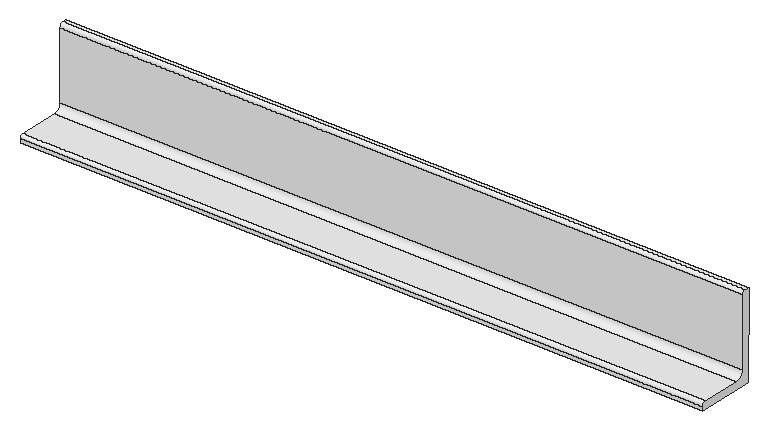
Revit family "M_L Ângulos desiguais", category Quadro estrutural, Revit 2019
Family settings
  Arredondamento do comprimento do framing estrutural = 0.10 mm
  Forma do corte = Ângulo L
  Material para o comportamento do modelo = Aço
  Exportar sempre como geometria = Não
  Family Name Key = M_L Unequal Angles
  Nome do código = AISC 14.1
  Número OmniClass = 23.25.30.11.14.14
  Título OmniClass = Beams
  ID de item do Seek = L-Equal Angle-0000-CAN-ENU
  Sempre na vertical = Sim
  Corte com vazios quando carregada = Não
  Representação simbólica = Das configurações de projeto
  Compartilhado = Não
  Exibir o pré-corte da família na vista da planta = Sim
Parameters (values of type "L152X102X12.7")
  Largura = 102.00 mm
  Espessura da teia = 12.70 mm
  Concordância da teia = 12.700 mm
  Constante da empena = 226000000.0 mm6
  Momento de inércia de torção = 169000.00 mm4
  Concordância da alma superior = 6.350 mm
  Structural Material [instance] = Aço, 45-345
  Section Name Key = ""
  Section Area = 3060.0 mm²
  Principal Axes Angle = 23.75°
  Plastic Modulus weak axis = 60500.0 mm³
  Plastic Modulus strong axis = 126000.0 mm³
  Nominal Weight = 235.36 N/m
  Moment of Inertia weak axis = 259 cm⁴
  Moment of Inertia strong axis = 720 cm⁴
  Length [instance] = 1524.00 mm
  Height = 152.00 mm
  Flange Thickness = 12.7 mm
  Flange Fillet = 6.35 mm
  Elastic Modulus weak axis = 33800.0 mm³
  Elastic Modulus strong axis = 70600.0 mm³
  Centroid Vertical = 50.30 mm
  Centroid Horizontal = 24.90 mm
  Bolt Spacing Shorter Flange = 63.5 mm
  Bolt Spacing 2 Longer Flange = 120.65 mm
  Bolt Spacing 1 Longer Flange = 57.15 mm
Types (2, lengths in mm): name | Concordância da teia | Concordância da alma superior
  (no name) | 12.7 | 6.35
  L152X102X12.7 | 12.700 | 6.350
Values of the unnamed type that differ from the named types
  Constante da empena = 0.000000282 (stored number, unit not read)
  Momento de inércia de torção = 16.9 cm⁴
Reference planes
  plane 1 "Centro (Frente/Trás)": y = 0
  plane 2: z = 0
  plane 3 "Centro (Esquerda/Direita)": x = 4.61
  plane 4 "Membro esquerdo": x = -604.99
  plane 5 "Membro direito": x = 614.21
  plane 6: y = 24.9
  plane 7: y = -77.1
  plane 8: z = -50.3
  plane 9 "Esquerda": x = -757.39
  plane 10 "Direita": x = 766.61
  plane 11: z = 101.7
Forms (mm)
  Sweep 1, solid, material "Aço, 45-345" <- "Structural Material", detail levels fine
    path origin (0, 0, 0) x (1, 0, 0) y (0, 1, 0)
      loop
        line (-604.99, 0) -> (614.21, 0)
    profile "M_L-Ângulo-Perfil-Alto : M_L-Ângulo-Perfil-Alto" origin (4.61, 0, 0) x (0, 1, 0) y (0, 0, 1)
      loop
        line (24.9, 101.7) -> (18.55, 101.7)
        arc (18.55, 101.7) -> (14.06, 99.84) -> (12.2, 95.35) r 6.35
        line (12.2, 95.35) -> (12.2, -24.9)
        arc (12.2, -24.9) -> (8.48, -33.88) -> (-0.5, -37.6) r 12.7
        line (-0.5, -37.6) -> (-70.75, -37.6)
        arc (-70.75, -37.6) -> (-75.24, -39.46) -> (-77.1, -43.95) r 6.35
        line (-77.1, -43.95) -> (-77.1, -50.3) -> (24.9, -50.3) -> (24.9, 101.7)
  Sweep 2, solid, material "Aço, 45-345" <- "Structural Material", detail levels medium
    path origin (0, 0, 0) x (1, 0, 0) y (0, 1, 0)
      loop
        line (-604.99, 0) -> (614.21, 0)
    profile "M_L-Ângulo-Perfil-Médio : M_L-Ângulo-Perfil-Médio" origin (4.61, 0, 0) x (0, 1, 0) y (0, 0, 1)
      loop
        line (24.9, 101.7) -> (12.2, 101.7) -> (12.2, -37.6) -> (-77.1, -37.6) -> (-77.1, -50.3) -> (24.9, -50.3) -> (24.9, 101.7)
Lines and regions (mm)
  symbolic lines, style "Faces ocultas", detail levels medium+fine
    curve 1: line (-604.99, 0, -37.6) -> (614.21, 0, -37.6)
    curve 2: line (-604.99, 12.2, 0) -> (614.21, 12.2, 0)
  symbolic lines, style "Símbolos de vara", detail levels coarse
    curve 3: line (4.61, 24.9, -50.3) -> (4.61, -77.1, -50.3)
    curve 4: line (4.61, 24.9, 101.7) -> (4.61, 24.9, -50.3)
Dimensions and locks
  "Largura": plane 6 to plane 7
  "Centroid Horizontal": plane 6 to plane 1 "Centro (Frente/Trás)"
  "Length": plane 9 "Esquerda" to plane 10 "Direita"
  "Espessura da teia": plane 6 to curve 2
  "Centroid Vertical": plane 8 to level
  "Height": plane 8 to plane 11
  aligned and locked: plane 4 "Membro esquerdo" to curve 2
  aligned and locked: plane 5 "Membro direito" to curve 2
  aligned and locked: plane 4 "Membro esquerdo" to curve 1
  aligned and locked: plane 5 "Membro direito" to curve 1
  aligned and locked: plane 5 "Membro direito" to Sweep 1 sketch curve
  aligned and locked: plane 1 "Centro (Frente/Trás)" to Sweep 1 sketch curve
  aligned and locked: plane 4 "Membro esquerdo" to Sweep 1 sketch curve
  aligned and locked: plane 4 "Membro esquerdo" to Sweep 2 sketch curve
  aligned and locked: plane 1 "Centro (Frente/Trás)" to Sweep 2 sketch curve
  aligned and locked: plane 5 "Membro direito" to Sweep 2 sketch curve
  aligned and locked: plane 8 to curve 3
  aligned and locked: plane 7 to curve 3
  aligned and locked: plane 6 to curve 4
  aligned and locked: plane 11 to curve 4
  aligned and locked: curve 1 to Sweep 2
Types in the file's own list only (75): name | Largura | Espessura da teia | Concordância da teia | Constante da empena | Momento de inércia de torção | Concordância da alma superior | Chave do nome do corte | Área de corte | Ângulo dos eixos principais | Eixo fraco do módulo plástico | Eixo forte do módulo plástico | Peso nominal | Eixo fraco do momento de inércia | Eixo forte do momento de inércia | Altura | Espessura do flange | Concordância do flange | Eixo fraco do módulo de elasticidade | Eixo forte do módulo de elasticidade | Centróide vertical | Centróide horizontal | Flange mais curto do espaçamento do parafuso | Flange mais longo 2 do espaçamento do parafuso | Flange mais longo 1 do espaçamento do parafuso
  L203X152X25.4 | 152.000 mm | 25.400 mm | 25.400 mm | 4380000000.0 mm6 | 1810000.00 mm4 | 12.700 mm | L8X6X1 | 8450.0 mm² | 28.46° | 265000.0 mm³ | 447000.0 mm³ | 65.50 kgf/m | 16100000.00 mm4 | 33700000.00 mm4 | 203.000 mm | 25.400 mm | 12.700 mm | 146000.0 mm³ | 247000.0 mm³ | 67.300 mm | 41.900 mm | 88.90 mm | 152.40 mm | 76.20 mm
  L203X152X22.2 | 152.000 mm | 22.200 mm | 22.200 mm | 3030000000.0 mm6 | 1230000.00 mm4 | 11.100 mm | L8X6X7/8 | 7420.0 mm² | 28.63° | 236000.0 mm³ | 398000.0 mm³ | 57.90 kgf/m | 14500000.00 mm4 | 30100000.00 mm4 | 203.000 mm | 22.200 mm | 11.100 mm | 130000.0 mm³ | 220000.0 mm³ | 66.000 mm | 40.600 mm | 88.90 mm | 152.40 mm | 76.20 mm
  L203X152X19 | 152.000 mm | 19.100 mm | 19.100 mm | 1950000000.0 mm6 | 791000.00 mm4 | 9.550 mm | L8X6X3/4 | 6450.0 mm² | 28.81° | 205000.0 mm³ | 346000.0 mm³ | 50.10 kgf/m | 12800000.00 mm4 | 26400000.00 mm4 | 203.000 mm | 19.100 mm | 9.550 mm | 113000.0 mm³ | 192000.0 mm³ | 64.800 mm | 39.600 mm | 88.90 mm | 152.40 mm | 76.20 mm
  L203X152X15.9 | 152.000 mm | 15.900 mm | 15.900 mm | 1160000000.0 mm6 | 466000.00 mm4 | 7.950 mm | L8X6X5/8 | 5430.0 mm² | 28.99° | 172000.0 mm³ | 293000.0 mm³ | 42.20 kgf/m | 11000000.00 mm4 | 22600000.00 mm4 | 203.000 mm | 15.900 mm | 7.950 mm | 96400.0 mm³ | 162000.0 mm³ | 63.500 mm | 38.400 mm | 88.90 mm | 152.40 mm | 76.20 mm
  L203X152X14.3 | 152.000 mm | 14.300 mm | 14.300 mm | 859000000.0 mm6 | 343000.00 mm4 | 7.150 mm | L8X6X9/16 | 4910.0 mm² | 29.07° | 156000.0 mm³ | 265000.0 mm³ | 38.10 kgf/m | 10000000.00 mm4 | 20600000.00 mm4 | 203.000 mm | 14.300 mm | 7.150 mm | 87500.0 mm³ | 147000.0 mm³ | 63.000 mm | 37.800 mm | 88.90 mm | 152.40 mm | 76.20 mm
  L203X152X12.7 | 152.000 mm | 12.700 mm | 12.700 mm | 612000000.0 mm6 | 243000.00 mm4 | 6.350 mm | L8X6X1/2 | 4390.0 mm² | 29.12° | 140000.0 mm³ | 239000.0 mm³ | 34.10 kgf/m | 9030000.00 mm4 | 18500000.00 mm4 | 203.000 mm | 12.700 mm | 6.350 mm | 78500.0 mm³ | 131000.0 mm³ | 62.500 mm | 37.100 mm | 88.90 mm | 152.40 mm | 76.20 mm
  L203X152X11.1 | 152.000 mm | 11.100 mm | 11.100 mm | 416000000.0 mm6 | 165000.00 mm4 | 5.550 mm | L8X6X7/16 | 3860.0 mm² | 29.21° | 123000.0 mm³ | 211000.0 mm³ | 29.90 kgf/m | 8030000.00 mm4 | 16400000.00 mm4 | 203.000 mm | 11.100 mm | 5.550 mm | 69300.0 mm³ | 116000.0 mm³ | 61.700 mm | 36.600 mm | 88.90 mm | 152.40 mm | 76.20 mm
  L203X102X25.4 | 102.000 mm | 25.400 mm | 25.400 mm | 3460000000.0 mm6 | 1530000.00 mm4 | 12.700 mm | L8X4X1 | 7160.0 mm² | 13.87° | 127000.0 mm³ | 398000.0 mm³ | 55.40 kgf/m | 4830000.00 mm4 | 29000000.00 mm4 | 203.000 mm | 25.400 mm | 12.700 mm | 64600.0 mm³ | 229000.0 mm³ | 77.000 mm | 26.400 mm | 63.50 mm | 152.40 mm | 76.20 mm
  L203X102X22.2 | 102.000 mm | 22.200 mm | 22.200 mm | 2390000000.0 mm6 | 1040000.00 mm4 | 11.100 mm | L8X4X7/8 | 6320.0 mm² | 14.14° | 111000.0 mm³ | 356000.0 mm³ | 49.30 kgf/m | 4370000.00 mm4 | 26100000.00 mm4 | 203.000 mm | 22.200 mm | 11.100 mm | 57500.0 mm³ | 205000.0 mm³ | 75.900 mm | 25.300 mm | 63.50 mm | 152.40 mm | 76.20 mm
  L203X102X19 | 102.000 mm | 19.100 mm | 19.100 mm | 1540000000.0 mm6 | 670000.00 mm4 | 9.550 mm | L8X4X3/4 | 5480.0 mm² | 14.41° | 95400.0 mm³ | 310000.0 mm³ | 42.50 kgf/m | 3900000.00 mm4 | 22900000.00 mm4 | 203.000 mm | 19.100 mm | 9.550 mm | 50300.0 mm³ | 179000.0 mm³ | 74.700 mm | 24.100 mm | 63.50 mm | 152.40 mm | 76.20 mm
  L203X102X15.9 | 102.000 mm | 15.900 mm | 15.900 mm | 918000000.0 mm6 | 398000.00 mm4 | 7.950 mm | L8X4X5/8 | 4620.0 mm² | 14.68° | 79600.0 mm³ | 264000.0 mm³ | 36.00 kgf/m | 3380000.00 mm4 | 19600000.00 mm4 | 203.000 mm | 15.900 mm | 7.950 mm | 42900.0 mm³ | 151000.0 mm³ | 73.400 mm | 22.900 mm | 63.50 mm | 152.40 mm | 76.20 mm
  L203X102X14.3 | 102.000 mm | 14.300 mm | 14.300 mm | 679000000.0 mm6 | 293000.00 mm4 | 7.150 mm | L8X4X9/16 | 4190.0 mm² | 14.79° | 71900.0 mm³ | 239000.0 mm³ | 32.40 kgf/m | 3100000.00 mm4 | 17900000.00 mm4 | 203.000 mm | 14.300 mm | 7.150 mm | 39000.0 mm³ | 137000.0 mm³ | 72.600 mm | 22.300 mm | 63.50 mm | 152.40 mm | 76.20 mm
  L203X102X12.7 | 102.000 mm | 12.700 mm | 12.700 mm | 483000000.0 mm6 | 209000.00 mm4 | 6.350 mm | L8X4X1/2 | 3740.0 mm² | 14.90° | 64100.0 mm³ | 215000.0 mm³ | 29.00 kgf/m | 2810000.00 mm4 | 16100000.00 mm4 | 203.000 mm | 12.700 mm | 6.350 mm | 35200.0 mm³ | 123000.0 mm³ | 72.100 mm | 21.700 mm | 63.50 mm | 152.40 mm | 76.20 mm
  L203X102X11.1 | 102.000 mm | 11.100 mm | 11.100 mm | 328000000.0 mm6 | 142000.00 mm4 | 5.550 mm | L8X4X7/16 | 3300.0 mm² | 15.00° | 56000.0 mm³ | 190000.0 mm³ | 25.60 kgf/m | 2510000.00 mm4 | 14200000.00 mm4 | 203.000 mm | 11.100 mm | 5.550 mm | 31100.0 mm³ | 108000.0 mm³ | 71.400 mm | 21.100 mm | 63.50 mm | 152.40 mm | 76.20 mm
  L178X102X19 | 102.000 mm | 19.100 mm | 19.100 mm | 1070000000.0 mm6 | 612000.00 mm4 | 9.550 mm | L7X4X3/4 | 4990.0 mm² | 17.95° | 91800.0 mm³ | 243000.0 mm³ | 38.80 kgf/m | 3750000.00 mm4 | 15700000.00 mm4 | 178.000 mm | 19.100 mm | 9.550 mm | 49300.0 mm³ | 137000.0 mm³ | 63.500 mm | 25.400 mm | 63.50 mm | 139.70 mm | 63.50 mm
  L178X102X15.9 | 102.000 mm | 15.900 mm | 15.900 mm | 636000000.0 mm6 | 361000.00 mm4 | 7.950 mm | L7X4X5/8 | 4190.0 mm² | 18.21° | 76900.0 mm³ | 205000.0 mm³ | 32.70 kgf/m | 3240000.00 mm4 | 13500000.00 mm4 | 178.000 mm | 15.900 mm | 7.950 mm | 42000.0 mm³ | 117000.0 mm³ | 62.200 mm | 24.300 mm | 63.50 mm | 139.70 mm | 63.50 mm
  L178X102X12.7 | 102.000 mm | 12.700 mm | 12.700 mm | 336000000.0 mm6 | 190000.00 mm4 | 6.350 mm | L7X4X1/2 | 3390.0 mm² | 18.47° | 61800.0 mm³ | 167000.0 mm³ | 26.50 kgf/m | 2700000.00 mm4 | 11100000.00 mm4 | 178.000 mm | 12.700 mm | 6.350 mm | 34400.0 mm³ | 94900.0 mm³ | 61.000 mm | 23.100 mm | 63.50 mm | 139.70 mm | 63.50 mm
  L178X102X11.1 | 102.000 mm | 11.100 mm | 11.100 mm | 229000000.0 mm6 | 129000.00 mm4 | 5.550 mm | L7X4X7/16 | 2990.0 mm² | 18.62° | 54200.0 mm³ | 148000.0 mm³ | 23.40 kgf/m | 2410000.00 mm4 | 9820000.00 mm4 | 178.000 mm | 11.100 mm | 5.550 mm | 30500.0 mm³ | 83700.0 mm³ | 60.500 mm | 22.500 mm | 63.50 mm | 139.70 mm | 63.50 mm
  L178X102X9.5 | 102.000 mm | 9.530 mm | 9.530 mm | 146000000.0 mm6 | 82400.00 mm4 | 4.765 mm | L7X4X3/8 | 2580.0 mm² | 18.73° | 46500.0 mm³ | 128000.0 mm³ | 20.20 kgf/m | 2110000.00 mm4 | 8530000.00 mm4 | 178.000 mm | 9.530 mm | 4.765 mm | 26400.0 mm³ | 72400.0 mm³ | 59.700 mm | 21.900 mm | 63.50 mm | 139.70 mm | 63.50 mm
  L152X102X22.2 | 102.000 mm | 22.200 mm | 22.200 mm | 1080000000.0 mm6 | 845000.00 mm4 | 11.100 mm | L6X4X7/8 | 5160.0 mm² | 22.83° | 103000.0 mm³ | 208000.0 mm³ | 40.30 kgf/m | 4040000.00 mm4 | 11500000.00 mm4 | 152.000 mm | 22.200 mm | 11.100 mm | 55200.0 mm³ | 117000.0 mm³ | 53.800 mm | 28.400 mm | 63.50 mm | 120.65 mm | 57.15 mm
  L152X102X19 | 102.000 mm | 19.100 mm | 19.100 mm | 709000000.0 mm6 | 545000.00 mm4 | 9.550 mm | L6X4X3/4 | 4480.0 mm² | 23.17° | 88800.0 mm³ | 182000.0 mm³ | 35.00 kgf/m | 3590000.00 mm4 | 10200000.00 mm4 | 152.000 mm | 19.100 mm | 9.550 mm | 48300.0 mm³ | 102000.0 mm³ | 52.600 mm | 27.200 mm | 63.50 mm | 120.65 mm | 57.15 mm
  L152X102X15.9 | 102.000 mm | 15.900 mm | 15.900 mm | 427000000.0 mm6 | 323000.00 mm4 | 7.950 mm | L6X4X5/8 | 3780.0 mm² | 23.51° | 74700.0 mm³ | 155000.0 mm³ | 29.60 kgf/m | 3110000.00 mm4 | 8740000.00 mm4 | 152.000 mm | 15.900 mm | 7.950 mm | 41300.0 mm³ | 86700.0 mm³ | 51.600 mm | 26.200 mm | 63.50 mm | 120.65 mm | 57.15 mm
  L152X102X14.3 | 102.000 mm | 14.300 mm | 14.300 mm | 317000000.0 mm6 | 238000.00 mm4 | 7.150 mm | L6X4X9/16 | 3430.0 mm² | 23.65° | 67700.0 mm³ | 141000.0 mm³ | 26.90 kgf/m | 2860000.00 mm4 | 7990000.00 mm4 | 152.000 mm | 14.300 mm | 7.150 mm | 37500.0 mm³ | 78800.0 mm³ | 50.800 mm | 25.400 mm | 63.50 mm | 120.65 mm | 57.15 mm
  L152X102X11.1 | 102.000 mm | 11.100 mm | 11.100 mm | 154000000.0 mm6 | 115000.00 mm4 | 5.550 mm | L6X4X7/16 | 2700.0 mm² | 23.89° | 53100.0 mm³ | 112000.0 mm³ | 21.20 kgf/m | 2310000.00 mm4 | 6410000.00 mm4 | 152.000 mm | 11.100 mm | 5.550 mm | 30000.0 mm³ | 62400.0 mm³ | 49.500 mm | 24.300 mm | 63.50 mm | 120.65 mm | 57.15 mm
  L152X102X9.5 | 102.000 mm | 9.530 mm | 9.530 mm | 99100000.0 mm6 | 73700.00 mm4 | 4.765 mm | L6X4X3/8 | 2330.0 mm² | 24.04° | 45700.0 mm³ | 96500.0 mm³ | 18.20 kgf/m | 2020000.00 mm4 | 5580000.00 mm4 | 152.000 mm | 9.530 mm | 4.765 mm | 25900.0 mm³ | 54100.0 mm³ | 49.000 mm | 23.700 mm | 63.50 mm | 120.65 mm | 57.15 mm
  L152X102X7.9 | 102.000 mm | 7.940 mm | 7.940 mm | 58300000.0 mm6 | 43300.00 mm4 | 3.970 mm | L6X4X5/16 | 1950.0 mm² | 24.18° | 38200.0 mm³ | 81300.0 mm³ | 15.30 kgf/m | 1720000.00 mm4 | 4750000.00 mm4 | 152.000 mm | 7.940 mm | 3.970 mm | 22000.0 mm³ | 45400.0 mm³ | 48.300 mm | 23.100 mm | 63.50 mm | 120.65 mm | 57.15 mm
  L152X89X12.7 | 88.900 mm | 12.700 mm | 12.700 mm | 209000000.0 mm6 | 161000.00 mm4 | 6.350 mm | L6X3 1/2X1/2 | 2900.0 mm² | 18.93° | 47200.0 mm³ | 123000.0 mm³ | 22.70 kgf/m | 1760000.00 mm4 | 6910000.00 mm4 | 152.000 mm | 12.700 mm | 6.350 mm | 26100.0 mm³ | 69300.0 mm³ | 52.600 mm | 21.100 mm | 50.80 mm | 120.65 mm | 57.15 mm
  L152X89X9.5 | 88.900 mm | 9.530 mm | 9.530 mm | 91600000.0 mm6 | 69900.00 mm4 | 4.765 mm | L6X3 1/2X3/8 | 2220.0 mm² | 19.24° | 35700.0 mm³ | 94100.0 mm³ | 17.30 kgf/m | 1390000.00 mm4 | 5370000.00 mm4 | 152.000 mm | 9.530 mm | 4.765 mm | 20000.0 mm³ | 52900.0 mm³ | 51.300 mm | 19.800 mm | 50.80 mm | 120.65 mm | 57.15 mm
  L152X89X7.9 | 88.900 mm | 7.940 mm | 7.940 mm | 54000000.0 mm6 | 41200.00 mm4 | 3.970 mm | L6X3 1/2X5/16 | 1860.0 mm² | 19.39° | 29800.0 mm³ | 79300.0 mm³ | 14.50 kgf/m | 1180000.00 mm4 | 4540000.00 mm4 | 152.000 mm | 7.940 mm | 3.970 mm | 16900.0 mm³ | 44600.0 mm³ | 50.800 mm | 19.200 mm | 50.80 mm | 120.65 mm | 57.15 mm
  L127X89X19 | 88.900 mm | 19.100 mm | 19.100 mm | 408000000.0 mm6 | 454000.00 mm4 | 9.550 mm | L5X3 1/2X3/4 | 3770.0 mm² | 24.89° | 66700.0 mm³ | 125000.0 mm³ | 29.30 kgf/m | 2300000.00 mm4 | 5790000.00 mm4 | 127.000 mm | 19.100 mm | 9.550 mm | 36100.0 mm³ | 69800.0 mm³ | 44.200 mm | 25.200 mm | 50.80 mm | 95.25 mm | 50.80 mm
  L127X89X15.9 | 88.900 mm | 15.900 mm | 15.900 mm | 247000000.0 mm6 | 271000.00 mm4 | 7.950 mm | L5X3 1/2X5/8 | 3180.0 mm² | 25.27° | 56200.0 mm³ | 107000.0 mm³ | 24.90 kgf/m | 2000000.00 mm4 | 4990000.00 mm4 | 127.000 mm | 15.900 mm | 7.950 mm | 30800.0 mm³ | 59500.0 mm³ | 42.900 mm | 24.100 mm | 50.80 mm | 95.25 mm | 50.80 mm
  L127X89X12.7 | 88.900 mm | 12.700 mm | 12.700 mm | 132000000.0 mm6 | 143000.00 mm4 | 6.350 mm | L5X3 1/2X1/2 | 2580.0 mm² | 25.59° | 45700.0 mm³ | 87300.0 mm³ | 20.20 kgf/m | 1670000.00 mm4 | 4160000.00 mm4 | 127.000 mm | 12.700 mm | 6.350 mm | 25400.0 mm³ | 48700.0 mm³ | 41.900 mm | 22.900 mm | 50.80 mm | 95.25 mm | 50.80 mm
  L127X89X9.5 | 88.900 mm | 9.530 mm | 9.530 mm | 58300000.0 mm6 | 62400.00 mm4 | 4.765 mm | L5X3 1/2X3/8 | 1970.0 mm² | 25.87° | 34700.0 mm³ | 67000.0 mm³ | 15.40 kgf/m | 1310000.00 mm4 | 3230000.00 mm4 | 127.000 mm | 9.530 mm | 4.765 mm | 19500.0 mm³ | 37400.0 mm³ | 40.600 mm | 21.700 mm | 50.80 mm | 95.25 mm | 50.80 mm
  L127X89X7.9 | 88.900 mm | 7.940 mm | 7.940 mm | 34400000.0 mm6 | 36800.00 mm4 | 3.970 mm | L5X3 1/2X5/16 | 1650.0 mm² | 26.06° | 29000.0 mm³ | 56500.0 mm³ | 12.90 kgf/m | 1120000.00 mm4 | 2740000.00 mm4 | 127.000 mm | 7.940 mm | 3.970 mm | 16600.0 mm³ | 31500.0 mm³ | 39.900 mm | 21.100 mm | 50.80 mm | 95.25 mm | 50.80 mm
  L127X89X6.4 | 88.900 mm | 6.350 mm | 6.350 mm | 18000000.0 mm6 | 19300.00 mm4 | 3.175 mm | L5X3 1/2X1/4 | 1340.0 mm² | 26.15° | 23300.0 mm³ | 45600.0 mm³ | 10.40 kgf/m | 916000.00 mm4 | 2230000.00 mm4 | 127.000 mm | 6.350 mm | 3.175 mm | 13400.0 mm³ | 25400.0 mm³ | 39.400 mm | 20.400 mm | 50.80 mm | 95.25 mm | 50.80 mm
  L127X76X12.7 | 76.200 mm | 12.700 mm | 12.700 mm | 119000000.0 mm6 | 134000.00 mm4 | 6.350 mm | L5X3X1/2 | 2420.0 mm² | 19.65° | 34100.0 mm³ | 83900.0 mm³ | 19.00 kgf/m | 1060000.00 mm4 | 3930000.00 mm4 | 127.000 mm | 12.700 mm | 6.350 mm | 18500.0 mm³ | 47400.0 mm³ | 44.200 mm | 18.900 mm | 44.45 mm | 95.25 mm | 50.80 mm
  L127X76X11.1 | 76.200 mm | 11.100 mm | 11.100 mm | 81600000.0 mm6 | 91600.00 mm4 | 5.550 mm | L5X3X7/16 | 2140.0 mm² | 19.85° | 29800.0 mm³ | 74200.0 mm³ | 16.70 kgf/m | 953000.00 mm4 | 3500000.00 mm4 | 127.000 mm | 11.100 mm | 5.550 mm | 16400.0 mm³ | 42000.0 mm³ | 43.700 mm | 18.300 mm | 44.45 mm | 95.25 mm | 50.80 mm
  L127X76X9.5 | 76.200 mm | 9.530 mm | 9.530 mm | 52600000.0 mm6 | 58700.00 mm4 | 4.765 mm | L5X3X3/8 | 1850.0 mm² | 20.00° | 25700.0 mm³ | 64400.0 mm³ | 14.50 kgf/m | 837000.00 mm4 | 3060000.00 mm4 | 127.000 mm | 9.530 mm | 4.765 mm | 14300.0 mm³ | 36400.0 mm³ | 42.900 mm | 17.700 mm | 44.45 mm | 95.25 mm | 50.80 mm
  L127X76X7.9 | 76.200 mm | 7.940 mm | 7.940 mm | 31200000.0 mm6 | 34600.00 mm4 | 3.970 mm | L5X3X5/16 | 1550.0 mm² | 20.20° | 21500.0 mm³ | 54400.0 mm³ | 12.10 kgf/m | 716000.00 mm4 | 2600000.00 mm4 | 127.000 mm | 7.940 mm | 3.970 mm | 12100.0 mm³ | 30600.0 mm³ | 42.400 mm | 17.100 mm | 44.45 mm | 95.25 mm | 50.80 mm
  L127X76X6.4 | 76.200 mm | 6.350 mm | 6.350 mm | 16300000.0 mm6 | 18200.00 mm4 | 3.175 mm | L5X3X1/4 | 1250.0 mm² | 20.35° | 17200.0 mm³ | 43900.0 mm³ | 9.80 kgf/m | 587000.00 mm4 | 2120000.00 mm4 | 127.000 mm | 6.350 mm | 3.175 mm | 9830.0 mm³ | 24700.0 mm³ | 41.700 mm | 16.500 mm | 44.45 mm | 95.25 mm | 50.80 mm
  L102X89X12.7 | 88.900 mm | 12.700 mm | 12.700 mm | 81100000.0 mm6 | 125000.00 mm4 | 6.350 mm | L4X3 1/2X1/2 | 2260.0 mm² | 36.87° | 44100.0 mm³ | 56700.0 mm³ | 17.60 kgf/m | 1570000.00 mm4 | 2210000.00 mm4 | 102.000 mm | 12.700 mm | 6.350 mm | 24600.0 mm³ | 31500.0 mm³ | 31.500 mm | 25.200 mm | 50.80 mm | 0.00 mm | 0.00 mm
  L102X89X9.5 | 88.900 mm | 9.530 mm | 9.530 mm | 36000000.0 mm6 | 54900.00 mm4 | 4.765 mm | L4X3 1/2X3/8 | 1730.0 mm² | 37.05° | 33800.0 mm³ | 43600.0 mm³ | 13.50 kgf/m | 1230000.00 mm4 | 1730000.00 mm4 | 102.000 mm | 9.530 mm | 4.765 mm | 19000.0 mm³ | 24300.0 mm³ | 30.500 mm | 24.100 mm | 50.80 mm | 0.00 mm | 0.00 mm
  L102X89X7.9 | 88.900 mm | 7.940 mm | 7.940 mm | 21400000.0 mm6 | 32500.00 mm4 | 3.970 mm | L4X3 1/2X5/16 | 1450.0 mm² | 37.13° | 28500.0 mm³ | 36700.0 mm³ | 11.40 kgf/m | 1050000.00 mm4 | 1470000.00 mm4 | 102.000 mm | 7.940 mm | 3.970 mm | 16100.0 mm³ | 20500.0 mm³ | 29.700 mm | 23.400 mm | 50.80 mm | 0.00 mm | 0.00 mm
  L102X89X6.4 | 88.900 mm | 6.350 mm | 6.350 mm | 11300000.0 mm6 | 17100.00 mm4 | 3.175 mm | L4X3 1/2X1/4 | 1170.0 mm² | 37.20° | 22900.0 mm³ | 29700.0 mm³ | 9.20 kgf/m | 862000.00 mm4 | 1200000.00 mm4 | 102.000 mm | 6.350 mm | 3.175 mm | 13000.0 mm³ | 16600.0 mm³ | 29.000 mm | 22.800 mm | 50.80 mm | 0.00 mm | 0.00 mm
  L102X76X15.9 | 76.200 mm | 15.900 mm | 15.900 mm | 127000000.0 mm6 | 220000.00 mm4 | 7.950 mm | L4X3X5/8 | 2570.0 mm² | 28.10° | 40100.0 mm³ | 66900.0 mm³ | 20.20 kgf/m | 1190000.00 mm4 | 2500000.00 mm4 | 102.000 mm | 15.900 mm | 7.950 mm | 22000.0 mm³ | 37400.0 mm³ | 34.800 mm | 22.000 mm | 44.45 mm | 0.00 mm | 0.00 mm
  L102X76X12.7 | 76.200 mm | 12.700 mm | 12.700 mm | 68500000.0 mm6 | 117000.00 mm4 | 6.350 mm | L4X3X1/2 | 2100.0 mm² | 28.46° | 32600.0 mm³ | 55100.0 mm³ | 16.40 kgf/m | 999000.00 mm4 | 2090000.00 mm4 | 102.000 mm | 12.700 mm | 6.350 mm | 18000.0 mm³ | 30600.0 mm³ | 33.500 mm | 20.900 mm | 44.45 mm | 0.00 mm | 0.00 mm
  L102X76X9.5 | 76.200 mm | 9.530 mm | 9.530 mm | 30600000.0 mm6 | 51200.00 mm4 | 4.765 mm | L4X3X3/8 | 1610.0 mm² | 28.85° | 24900.0 mm³ | 42600.0 mm³ | 12.60 kgf/m | 787000.00 mm4 | 1640000.00 mm4 | 102.000 mm | 9.530 mm | 4.765 mm | 13900.0 mm³ | 23600.0 mm³ | 32.300 mm | 19.700 mm | 44.45 mm | 0.00 mm | 0.00 mm
  L102X76X7.9 | 76.200 mm | 7.940 mm | 7.940 mm | 18200000.0 mm6 | 30400.00 mm4 | 3.970 mm | L4X3X5/16 | 1350.0 mm² | 28.99° | 21000.0 mm³ | 35900.0 mm³ | 10.70 kgf/m | 674000.00 mm4 | 1400000.00 mm4 | 102.000 mm | 7.940 mm | 3.970 mm | 11800.0 mm³ | 20000.0 mm³ | 31.800 mm | 19.100 mm | 44.45 mm | 0.00 mm | 0.00 mm
  L102X76X6.4 | 76.200 mm | 6.350 mm | 6.350 mm | 9560000.0 mm6 | 16100.00 mm4 | 3.175 mm | L4X3X1/4 | 1090.0 mm² | 29.16° | 16900.0 mm³ | 29000.0 mm³ | 8.60 kgf/m | 554000.00 mm4 | 1140000.00 mm4 | 102.000 mm | 6.350 mm | 3.175 mm | 9590.0 mm³ | 16200.0 mm³ | 31.000 mm | 18.400 mm | 44.45 mm | 0.00 mm | 0.00 mm
  L89X76X12.7 | 76.200 mm | 12.700 mm | 12.700 mm | 51300000.0 mm6 | 108000.00 mm4 | 6.350 mm | L3 1/2X3X1/2 | 1950.0 mm² | 35.49° | 32300.0 mm³ | 42800.0 mm³ | 15.10 kgf/m | 966000.00 mm4 | 1440000.00 mm4 | 88.900 mm | 12.700 mm | 6.350 mm | 17900.0 mm³ | 23800.0 mm³ | 28.400 mm | 22.100 mm | 44.45 mm | 0.00 mm | 0.00 mm
  L89X76X11.1 | 76.200 mm | 11.100 mm | 11.100 mm | 35400000.0 mm6 | 74100.00 mm4 | 5.550 mm | L3 1/2X3X7/16 | 1720.0 mm² | 35.64° | 28700.0 mm³ | 38000.0 mm³ | 13.50 kgf/m | 870000.00 mm4 | 1290000.00 mm4 | 88.900 mm | 11.100 mm | 5.550 mm | 15900.0 mm³ | 21100.0 mm³ | 27.700 mm | 21.500 mm | 44.45 mm | 0.00 mm | 0.00 mm
  L89X76X9.5 | 76.200 mm | 9.530 mm | 9.530 mm | 23000000.0 mm6 | 47500.00 mm4 | 4.765 mm | L3 1/2X3X3/8 | 1500.0 mm² | 35.75° | 24900.0 mm³ | 33300.0 mm³ | 11.70 kgf/m | 766000.00 mm4 | 1140000.00 mm4 | 88.900 mm | 9.530 mm | 4.765 mm | 13900.0 mm³ | 18400.0 mm³ | 27.200 mm | 20.900 mm | 44.45 mm | 0.00 mm | 0.00 mm
  L89X76X7.9 | 76.200 mm | 7.940 mm | 7.940 mm | 13700000.0 mm6 | 28300.00 mm4 | 3.970 mm | L3 1/2X3X5/16 | 1260.0 mm² | 35.83° | 21000.0 mm³ | 28200.0 mm³ | 9.80 kgf/m | 658000.00 mm4 | 970000.00 mm4 | 88.900 mm | 7.940 mm | 3.970 mm | 11800.0 mm³ | 15600.0 mm³ | 26.700 mm | 20.300 mm | 44.45 mm | 0.00 mm | 0.00 mm
  L89X76X6.4 | 76.200 mm | 6.350 mm | 6.350 mm | 7250000.0 mm6 | 15000.00 mm4 | 3.175 mm | L3 1/2X3X1/4 | 1020.0 mm² | 35.94° | 17000.0 mm³ | 22800.0 mm³ | 8.00 kgf/m | 541000.00 mm4 | 799000.00 mm4 | 88.900 mm | 6.350 mm | 3.175 mm | 9590.0 mm³ | 12700.0 mm³ | 25.900 mm | 19.600 mm | 44.45 mm | 0.00 mm | 0.00 mm
  L89X64X12.7 | 63.500 mm | 12.700 mm | 12.700 mm | 42700000.0 mm6 | 97400.00 mm4 | 6.350 mm | L3 1/2X2 1/2X1/2 | 1790.0 mm² | 25.87° | 22800.0 mm³ | 41300.0 mm³ | 13.90 kgf/m | 566000.00 mm4 | 1350000.00 mm4 | 88.900 mm | 12.700 mm | 6.350 mm | 12400.0 mm³ | 23100.0 mm³ | 30.500 mm | 17.800 mm | 34.93 mm | 0.00 mm | 0.00 mm
  L89X64X9.5 | 63.500 mm | 9.530 mm | 9.530 mm | 19200000.0 mm6 | 42900.00 mm4 | 4.765 mm | L3 1/2X2 1/2X3/8 | 1370.0 mm² | 26.34° | 17500.0 mm³ | 32100.0 mm³ | 10.70 kgf/m | 454000.00 mm4 | 1070000.00 mm4 | 88.900 mm | 9.530 mm | 4.765 mm | 9650.0 mm³ | 17900.0 mm³ | 29.200 mm | 16.600 mm | 34.93 mm | 0.00 mm | 0.00 mm
  L89X64X7.9 | 63.500 mm | 7.940 mm | 7.940 mm | 11400000.0 mm6 | 25400.00 mm4 | 3.970 mm | L3 1/2X2 1/2X5/16 | 1150.0 mm² | 26.57° | 14700.0 mm³ | 27400.0 mm³ | 9.00 kgf/m | 390000.00 mm4 | 916000.00 mm4 | 88.900 mm | 7.940 mm | 3.970 mm | 8210.0 mm³ | 15200.0 mm³ | 28.700 mm | 16.100 mm | 34.93 mm | 0.00 mm | 0.00 mm
  L89X64X6.4 | 63.500 mm | 6.350 mm | 6.350 mm | 6040000.0 mm6 | 13400.00 mm4 | 3.175 mm | L3 1/2X2 1/2X1/4 | 935.0 mm² | 26.75° | 11900.0 mm³ | 22300.0 mm³ | 7.30 kgf/m | 323000.00 mm4 | 753000.00 mm4 | 88.900 mm | 6.350 mm | 3.175 mm | 6720.0 mm³ | 12300.0 mm³ | 27.900 mm | 15.400 mm | 34.93 mm | 0.00 mm | 0.00 mm
  L76X64X12.7 | 63.500 mm | 12.700 mm | 12.700 mm | 30100000.0 mm6 | 88700.00 mm4 | 6.350 mm | L3X2 1/2X1/2 | 1610.0 mm² | 33.66° | 22000.0 mm³ | 30500.0 mm³ | 12.60 kgf/m | 537000.00 mm4 | 862000.00 mm4 | 76.200 mm | 12.700 mm | 6.350 mm | 12100.0 mm³ | 16900.0 mm³ | 25.300 mm | 18.900 mm | 34.93 mm | 0.00 mm | 0.00 mm
  L76X64X11.1 | 63.500 mm | 11.100 mm | 11.100 mm | 20900000.0 mm6 | 60800.00 mm4 | 5.550 mm | L3X2 1/2X7/16 | 1430.0 mm² | 33.86° | 19500.0 mm³ | 27200.0 mm³ | 11.30 kgf/m | 487000.00 mm4 | 778000.00 mm4 | 76.200 mm | 11.100 mm | 5.550 mm | 10700.0 mm³ | 15100.0 mm³ | 24.700 mm | 18.400 mm | 34.93 mm | 0.00 mm | 0.00 mm
  L76X64X9.5 | 63.500 mm | 9.530 mm | 9.530 mm | 13600000.0 mm6 | 39300.00 mm4 | 4.765 mm | L3X2 1/2X3/8 | 1250.0 mm² | 34.02° | 16900.0 mm³ | 23800.0 mm³ | 9.80 kgf/m | 429000.00 mm4 | 687000.00 mm4 | 76.200 mm | 9.530 mm | 4.765 mm | 9390.0 mm³ | 13200.0 mm³ | 24.100 mm | 17.800 mm | 34.93 mm | 0.00 mm | 0.00 mm
  L76X64X7.9 | 63.500 mm | 7.940 mm | 7.940 mm | 8160000.0 mm6 | 23300.00 mm4 | 3.970 mm | L3X2 1/2X5/16 | 1050.0 mm² | 34.18° | 14300.0 mm³ | 20200.0 mm³ | 8.30 kgf/m | 370000.00 mm4 | 587000.00 mm4 | 76.200 mm | 7.940 mm | 3.970 mm | 7980.0 mm³ | 11200.0 mm³ | 23.500 mm | 17.200 mm | 34.93 mm | 0.00 mm | 0.00 mm
  L76X64X6.4 | 63.500 mm | 6.350 mm | 6.350 mm | 4320000.0 mm6 | 12300.00 mm4 | 3.175 mm | L3X2 1/2X1/4 | 852.0 mm² | 34.33° | 11600.0 mm³ | 16400.0 mm³ | 6.70 kgf/m | 306000.00 mm4 | 483000.00 mm4 | 76.200 mm | 6.350 mm | 3.175 mm | 6510.0 mm³ | 9090.0 mm³ | 22.900 mm | 16.600 mm | 34.93 mm | 0.00 mm | 0.00 mm
  L76X64X4.8 | 63.500 mm | 4.760 mm | 4.760 mm | 1890000.0 mm6 | 5410.00 mm4 | 2.380 mm | L3X2 1/2X3/16 | 645.0 mm² | 34.49° | 8780.0 mm³ | 12500.0 mm³ | 5.10 kgf/m | 236000.00 mm4 | 374000.00 mm4 | 76.200 mm | 4.760 mm | 2.380 mm | 4970.0 mm³ | 6930.0 mm³ | 22.200 mm | 15.900 mm | 34.93 mm | 0.00 mm | 0.00 mm
  L76X51X12.7 | 50.800 mm | 12.700 mm | 12.700 mm | 24400000.0 mm6 | 79900.00 mm4 | 6.350 mm | L3X2X1/2 | 1460.0 mm² | 22.44° | 14500.0 mm³ | 29200.0 mm³ | 11.50 kgf/m | 278000.00 mm4 | 799000.00 mm4 | 76.200 mm | 12.700 mm | 6.350 mm | 7700.0 mm³ | 16400.0 mm³ | 27.400 mm | 14.700 mm | 28.58 mm | 0.00 mm | 0.00 mm
  L76X51X9.5 | 50.800 mm | 9.530 mm | 9.530 mm | 11100000.0 mm6 | 35600.00 mm4 | 4.765 mm | L3X2X3/8 | 1130.0 mm² | 23.07° | 11100.0 mm³ | 22800.0 mm³ | 8.80 kgf/m | 224000.00 mm4 | 641000.00 mm4 | 76.200 mm | 9.530 mm | 4.765 mm | 6030.0 mm³ | 12800.0 mm³ | 26.200 mm | 13.600 mm | 28.58 mm | 0.00 mm | 0.00 mm
  L76X51X7.9 | 50.800 mm | 7.940 mm | 7.940 mm | 6660000.0 mm6 | 21200.00 mm4 | 3.970 mm | L3X2X5/16 | 955.0 mm² | 23.36° | 9370.0 mm³ | 19500.0 mm³ | 7.40 kgf/m | 194000.00 mm4 | 549000.00 mm4 | 76.200 mm | 7.940 mm | 3.970 mm | 5150.0 mm³ | 10800.0 mm³ | 25.700 mm | 13.000 mm | 28.58 mm | 0.00 mm | 0.00 mm
  L76X51X6.4 | 50.800 mm | 6.350 mm | 6.350 mm | 3540000.0 mm6 | 11200.00 mm4 | 3.175 mm | L3X2X1/4 | 774.0 mm² | 23.61° | 7590.0 mm³ | 15900.0 mm³ | 6.10 kgf/m | 162000.00 mm4 | 454000.00 mm4 | 76.200 mm | 6.350 mm | 3.175 mm | 4230.0 mm³ | 8870.0 mm³ | 24.900 mm | 12.400 mm | 28.58 mm | 0.00 mm | 0.00 mm
  L76X51X4.8 | 50.800 mm | 4.760 mm | 4.760 mm | 1550000.0 mm6 | 4950.00 mm4 | 2.380 mm | L3X2X3/16 | 592.0 mm² | 23.85° | 5750.0 mm³ | 12200.0 mm³ | 4.60 kgf/m | 127000.00 mm4 | 353000.00 mm4 | 76.200 mm | 4.760 mm | 2.380 mm | 3240.0 mm³ | 6780.0 mm³ | 24.200 mm | 11.700 mm | 28.58 mm | 0.00 mm | 0.00 mm
  L64X51X9.5 | 50.800 mm | 9.530 mm | 9.530 mm | 7200000.0 mm6 | 31100.00 mm4 | 4.765 mm | L2 1/2X2X3/8 | 1000.0 mm² | 31.47° | 10800.0 mm³ | 16100.0 mm³ | 7.90 kgf/m | 214000.00 mm4 | 380000.00 mm4 | 63.500 mm | 9.530 mm | 4.765 mm | 5920.0 mm³ | 8950.0 mm³ | 21.000 mm | 14.700 mm | 28.58 mm | 0.00 mm | 0.00 mm
  L64X51X7.9 | 50.800 mm | 7.940 mm | 7.940 mm | 4350000.0 mm6 | 18500.00 mm4 | 3.970 mm | L2 1/2X2X5/16 | 852.0 mm² | 31.72° | 9130.0 mm³ | 13700.0 mm³ | 6.70 kgf/m | 186000.00 mm4 | 329000.00 mm4 | 63.500 mm | 7.940 mm | 3.970 mm | 5060.0 mm³ | 7620.0 mm³ | 20.400 mm | 14.100 mm | 28.58 mm | 0.00 mm | 0.00 mm
  L64X51X6.4 | 50.800 mm | 6.350 mm | 6.350 mm | 2330000.0 mm6 | 9780.00 mm4 | 3.175 mm | L2 1/2X2X1/4 | 690.0 mm² | 31.96° | 7440.0 mm³ | 11300.0 mm³ | 5.40 kgf/m | 155000.00 mm4 | 273000.00 mm4 | 63.500 mm | 6.350 mm | 3.175 mm | 4150.0 mm³ | 6240.0 mm³ | 19.800 mm | 13.500 mm | 28.58 mm | 0.00 mm | 0.00 mm
  L64X51X4.8 | 50.800 mm | 4.760 mm | 4.760 mm | 1030000.0 mm6 | 4290.00 mm4 | 2.380 mm | L2 1/2X2X3/16 | 528.0 mm² | 32.13° | 5690.0 mm³ | 8670.0 mm³ | 4.20 kgf/m | 122000.00 mm4 | 213000.00 mm4 | 63.500 mm | 4.760 mm | 2.380 mm | 3200.0 mm³ | 4800.0 mm³ | 19.200 mm | 12.900 mm | 28.58 mm | 0.00 mm | 0.00 mm
  L64X38X6.4 | 38.100 mm | 6.350 mm | 6.350 mm | 1860000.0 mm6 | 8700.00 mm4 | 3.175 mm | L2 1/2X1 1/2X1/4 | 611.0 mm² | 19.49° | 4280.0 mm³ | 10600.0 mm³ | 4.80 kgf/m | 66600.00 mm4 | 247000.00 mm4 | 63.500 mm | 6.350 mm | 3.175 mm | 2330.0 mm³ | 5960.0 mm³ | 22.000 mm | 9.450 mm | 22.23 mm | 0.00 mm | 0.00 mm
  L64X38X4.8 | 38.100 mm | 4.760 mm | 4.760 mm | 822000.0 mm6 | 3830.00 mm4 | 2.380 mm | L2 1/2X1 1/2X3/16 | 467.0 mm² | 19.80° | 3240.0 mm³ | 8140.0 mm³ | 3.60 kgf/m | 52400.00 mm4 | 193000.00 mm4 | 63.500 mm | 4.760 mm | 2.380 mm | 1800.0 mm³ | 4590.0 mm³ | 21.300 mm | 8.810 mm | 22.23 mm | 0.00 mm | 0.00 mm
